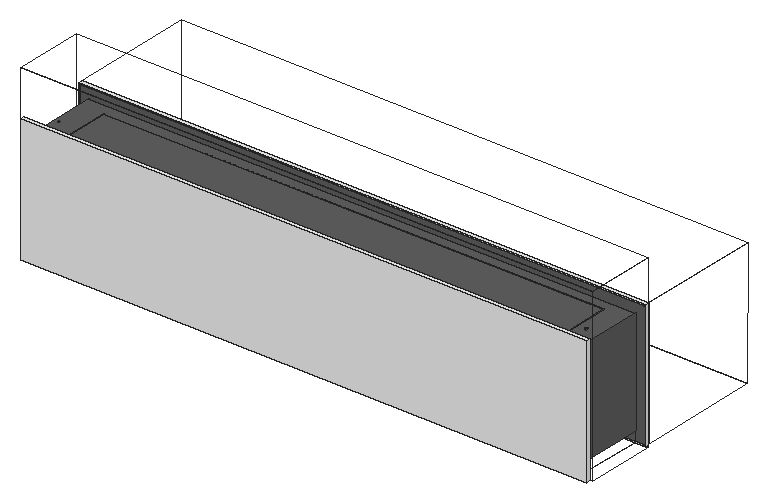
Revit family "AIRTECNICS_AIR CURTAIN_ZEN_DX-VRF_(LG)123", category Mechanical Equipment, Revit 2016 (continued)
Types (4, lengths in mm): name | Weight | Triple Phase (External Ut.) | Single Phase (External Ut.) | REF | Product Size | Product Reference | Product Description | Power Fans | Noise Level (dB(A)) | Mainfolds | Length | Gas Coil Volume | External Ut. Reference | Dn_Metric_Refrig_Liquid | Dn_Metric_Refrig_Gas | Current Fans | COD | Apparent Load | Airflow | L
  ZEN ECG 1500 DX/VRF-LG | 57.00 kg | no | yes | 21 | "1500" | "ZEN ECG 1500 DX15-LG" | "Decorative energy saving heat pump air curtain in contemporary architectural style: Up to 70% reduction in costs and CO2 emissions (heating mode).\r\nIts minimalist and smart design integrates in any environment and offers infinite options to customize.\r\nThe panels can include logos, lighting, signage, safety or information signs, graphics, pictures, clocks, all according to customer specifications.\r\nFront anodized aluminium panels. Optionally manufactured in brushed or mirror polished stainless steel. Other materials are possible, such as galvanized steel, smooth or texturated skinplate, wood, etc.\r\nCentral structure made of galvanized steel finished in black forge as standard. Other colours are available on request. \r\nAnodized aluminium outlet vanes, airfoil shaped, adjustable in both directions.\r\nDouble-inlet centrifugal fans driven by an external rotor motor and low noise level. 5-speed selector. EC models assembled with very low consumption efficiency fans. \r\nIncludes only heating direct expansion coil with installed temperature sensors.\r\nPlug&Play control panel CS-5DX-NE slave DX with 5 speeds selector and 7m telephone cable included.\r\nReady to connect to LG Inverter outdoor heat pump unit (R410A) with expansion valve, not included, the customer should purchase it.\r\nRequires PAHCMRA000 LG DX Interface KIT adapted for air curtain and PREMTB001 programmable control, please consult.\r\nAir Volume: 2920 m3/h \r\nFans:  0,284 kW  2,48 A 230Vx1 50/60Hz\r\nHeating capacity: 15,32 kW\r\nDimensions: 291x473x1620 mm (depth, height, length)\r\nNOT SUPPLIED BY AIRTÈCNICS:\r\nPAHCMRA000 Interface DX kit and PREMTB001 programmable control.\r\nExternal unit:\r\nOption 1: UU48W U32\r\nExternal unit with direct expansion valve LG, single phase motor 230Vx1 50Hz.\r\nHeating capacity 15,4kW. Heating power: 4,39kW. COP 3,5.\r\nCooling capacity 14kW. Cooling power 4,1kW. EER 3,41.\r\nCooling circuits 5/8\" - 3/8\".\r\nMinimum length 5m.\r\nMaximum length 75m.\r\nDesnivell màxim 30m.\r\nOption 2: UU49W U32\r\nExternal unit with direct expansion valve LG, triple phase motor 400Vx3 50Hz.\r\nHeating capacity 15,4kW. Heating power: 4,39kW. COP 3,5.\r\nCooling capacity 14kW. Cooling power 4,1kW. EER 3,41.\r\nCooling circuits 5/8\" - 3/8\".\r\nMinimum length 5m.\r\nMaximum length 75m.\r\nDesnivell màxim 30m." | 0.284 kW | 62 | "5/8'' & 3/8''" | 1620.0 | 3.00 L | "UU48W U32" | 10 | 16 | 2.48 A | 21 | 568 VA | 2920 m³/h | 1500.0
  ZEN ECG 1000 DX/VRF-LG | 40.00 kg | no | yes | 11 | "1000" | "ZEN ECG 1000 DX9-LG" | "Decorative energy saving heat pump air curtain in contemporary architectural style: Up to 70% reduction in costs and CO2 emissions (heating mode).\r\nIts minimalist and smart design integrates in any environment and offers infinite options to customize.\r\nThe panels can include logos, lighting, signage, safety or information signs, graphics, pictures, clocks, all according to customer specifications.\r\nFront anodized aluminium panels. Optionally manufactured in brushed or mirror polished stainless steel. Other materials are possible, such as galvanized steel, smooth or texturated skinplate, wood, etc.\r\nCentral structure made of galvanized steel finished in black forge as standard. Other colours are available on request. \r\nAnodized aluminium outlet vanes, airfoil shaped, adjustable in both directions.\r\nDouble-inlet centrifugal fans driven by an external rotor motor and low noise level. 5-speed selector. EC models assembled with very low consumption efficiency fans. \r\nIncludes only heating direct expansion coil with installed temperature sensors.\r\nPlug&Play control panel CS-5DX-NE slave DX with 5 speeds selector and 7m telephone cable included.\r\nReady to connect to LG Inverter outdoor heat pump unit (R410A) with expansion valve, not included, the customer should purchase it.\r\nRequires PAHCMRA000 LG DX Interface KIT adapted for air curtain and PREMTB001 programmable control, please consult.\r\nAir Volume: 2190 m3/h \r\nFans:  0,213 kW  1,86 A 230Vx1 50/60Hz\r\nHeating capacity: 9,00 kW\r\nDimensions: 291x473x1220 mm (depth, height, length)\r\nNOT SUPPLIED BY AIRTÈCNICS:\r\nPAHCMRA000 Interface DX kit and PREMTB001 programmable control.\r\nExternal unit:\r\n UU30W U44\r\nExternal unit with direct expansion valve LG, single phase motor 230Vx1 50Hz.\r\nHeating capacity 9kW. Heating power: 2,62kW. SCOP 4.\r\nCooling capacity 7,8kW. Cooling power 2,41kW. SEER 6,1.\r\nCooling circuits 5/8\" - 3/8\".\r\nMinimum length 5m.\r\nMaximum length 50m.\r\nDesnivell màxim 30m." | 0.213 kW | 61 | "5/8'' & 3/8''" | 1220.0 | 1.80 L | "UU30W U44" | 10 | 16 | 1.86 A | 11 | 426 VA | 2190 m³/h | 1000.0
